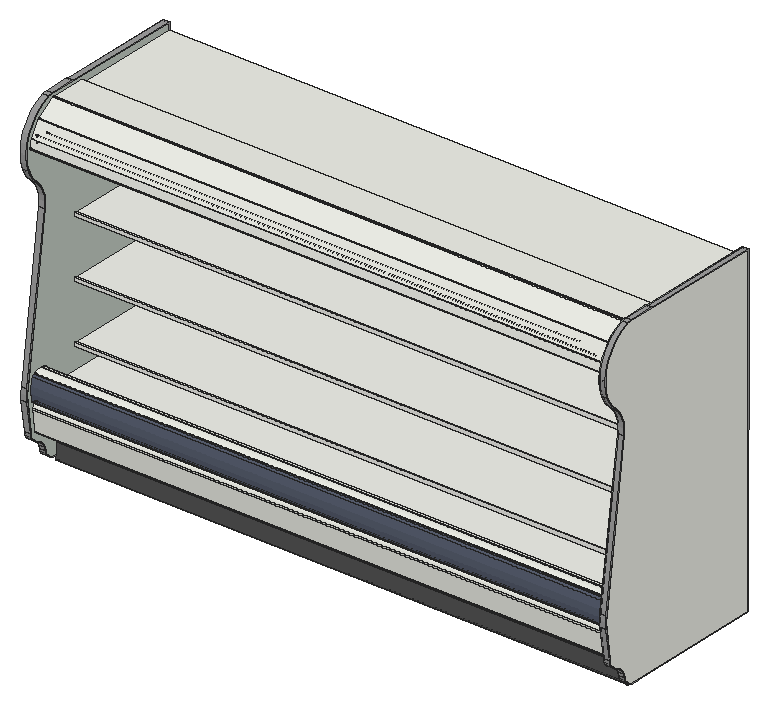
Revit family "ID5SM_2014", category Specialty Equipment, Revit 2014 (continued)
Automatic sketch dimensions
  Extrusion 13 sketch curve to Extrusion 13 sketch curve = 1.77458"
  plane 5 "Front" to Extrusion 13 sketch curve = 1.8731"
  Extrusion 13 sketch curve to Extrusion 13 sketch curve = 0.65832"
  plane 5 "Front" to Extrusion 13 sketch curve = 0.17594"
  Extrusion 13 sketch curve to Extrusion 13 sketch curve = 2.3975"
  Extrusion 13 sketch curve to Extrusion 13 sketch curve = 0.44575"
  Extrusion 13 sketch curve to plane 5 "Front" = 0.89737"
  Extrusion 13 sketch curve to plane 11 = 7.09276"
  Extrusion 13 sketch curve to plane 11 = 5.59899"
  Extrusion 13 sketch curve to plane 5 "Front" = 0.89074"
  Extrusion 13 sketch curve to Extrusion 13 sketch curve = 3.03394"
  plane 5 "Front" to Extrusion 13 sketch curve = 4.66966"
  Extrusion 13 sketch curve to plane 12 = 9.71059"
  Extrusion 13 sketch curve to plane 5 "Front" = 2.85424"
  Extrusion 13 sketch curve to Extrusion 13 sketch curve = 1.09095"
  plane 12 to Extrusion 13 sketch curve = 4.92623"
  plane 3 "Top" to Extrusion 13 sketch curve = 4.2453"
  plane 3 "Top" to Extrusion 13 sketch curve = 1.185"
  plane 3 "Top" to Extrusion 13 sketch curve = 0.99423"
  plane 5 "Front" to Extrusion 13 sketch curve = 1.84359"
  Extrusion 13 sketch curve to Extrusion 13 sketch curve = 1.26939"
  Extrusion 13 sketch curve to Extrusion 13 sketch curve = 0.25534"
  plane 5 "Front" to Extrusion 13 sketch curve = 7.00555"
  Extrusion 13 sketch curve to Extrusion 13 sketch curve = 1.0442"
  Extrusion 13 sketch curve to Extrusion 13 sketch curve = 2.56914"
  Extrusion 13 sketch curve to Extrusion 13 sketch curve = 6.52625"
  Extrusion 13 sketch curve to Extrusion 13 sketch curve = 0"  (x2)
  Extrusion 13 sketch curve to Extrusion 13 sketch curve = 2.17788"
  level to Sweep 14 sketch curve = 1.11243"
  Sweep 14 sketch curve to plane 1 "Back" = 0.29029"
  level to Sweep 14 sketch curve = 1.255"
  Sweep 14 sketch curve to Sweep 14 sketch curve = 0.14257"
  level to Sweep 14 sketch curve = 3.4866"
  Sweep 14 sketch curve to Sweep 14 sketch curve = 0.22328"
  Sweep 14 sketch curve to Sweep 14 sketch curve = 3.20287"
  Sweep 14 sketch curve to Sweep 14 sketch curve = 0.95327"
  Sweep 14 sketch curve to Sweep 14 sketch curve = 1.77458"
  plane 5 "Front" to Sweep 14 sketch curve = 1.8731"
  Sweep 14 sketch curve to Sweep 14 sketch curve = 0.65832"
  plane 5 "Front" to Sweep 14 sketch curve = 0.17594"
  Sweep 14 sketch curve to Sweep 14 sketch curve = 2.3975"
  Sweep 14 sketch curve to Sweep 14 sketch curve = 2.84326"
  Sweep 14 sketch curve to plane 5 "Front" = 0.89737"
  Sweep 14 sketch curve to plane 11 = 7.09276"
  Sweep 14 sketch curve to plane 11 = 5.59899"
  Sweep 14 sketch curve to plane 5 "Front" = 0.89074"
  Sweep 14 sketch curve to Sweep 14 sketch curve = 3.03394"
  plane 5 "Front" to Sweep 14 sketch curve = 4.66966"
  Sweep 14 sketch curve to plane 12 = 9.71059"
  Sweep 14 sketch curve to plane 5 "Front" = 2.85424"
  Sweep 14 sketch curve to Sweep 14 sketch curve = 1.09095"
  plane 12 to Sweep 14 sketch curve = 4.92623"
  plane 3 "Top" to Sweep 14 sketch curve = 4.2453"
  plane 3 "Top" to Sweep 14 sketch curve = 1.185"
  plane 3 "Top" to Sweep 14 sketch curve = 0.99423"
  plane 5 "Front" to Sweep 14 sketch curve = 1.84359"
  Sweep 14 sketch curve to Sweep 14 sketch curve = 1.26939"
  Sweep 14 sketch curve to Sweep 14 sketch curve = 0.25534"
  plane 5 "Front" to Sweep 14 sketch curve = 7.00555"
  Sweep 14 sketch curve to Sweep 14 sketch curve = 1.0442"
  Sweep 14 sketch curve to Sweep 14 sketch curve = 2.56914"
  Sweep 14 sketch curve to Sweep 14 sketch curve = 6.52625"
  Sweep 14 sketch curve to Sweep 14 sketch curve = 0"  (x2)
  Sweep 14 sketch curve to Sweep 14 sketch curve = 2.17788"
  Sweep 14 sketch curve to profile plane = 0"
  profile plane to Sweep 14 sketch curve = 1/32"
  level to Extrusion 15 sketch curve = 1.11243"
  Extrusion 15 sketch curve to plane 1 "Back" = 0.29029"
  level to Extrusion 15 sketch curve = 1.255"
  Extrusion 15 sketch curve to Extrusion 15 sketch curve = 0.14257"
  level to Extrusion 15 sketch curve = 3.4866"
  Extrusion 15 sketch curve to Extrusion 15 sketch curve = 0.22328"
  Extrusion 15 sketch curve to Extrusion 15 sketch curve = 0.82871"
  Extrusion 15 sketch curve to Extrusion 15 sketch curve = 0.95327"
  Extrusion 15 sketch curve to Extrusion 15 sketch curve = 1.77458"
  plane 5 "Front" to Extrusion 15 sketch curve = 1.8731"
  Extrusion 15 sketch curve to Extrusion 15 sketch curve = 0.65832"
  plane 5 "Front" to Extrusion 15 sketch curve = 0.17594"
  Extrusion 15 sketch curve to Extrusion 15 sketch curve = 2.3975"
  Extrusion 15 sketch curve to Extrusion 15 sketch curve = 0.44575"
  Extrusion 15 sketch curve to plane 5 "Front" = 0.89737"
  Extrusion 15 sketch curve to plane 11 = 7.09276"
  Extrusion 15 sketch curve to plane 11 = 5.59899"
  Extrusion 15 sketch curve to plane 5 "Front" = 0.89074"
  Extrusion 15 sketch curve to Extrusion 15 sketch curve = 3.03394"
  plane 5 "Front" to Extrusion 15 sketch curve = 4.66966"
  Extrusion 15 sketch curve to plane 12 = 9.71059"
  Extrusion 15 sketch curve to plane 5 "Front" = 2.85424"
  Extrusion 15 sketch curve to Extrusion 15 sketch curve = 1.09095"
  plane 12 to Extrusion 15 sketch curve = 4.92623"
  plane 3 "Top" to Extrusion 15 sketch curve = 4.2453"
  plane 3 "Top" to Extrusion 15 sketch curve = 1.185"
  plane 3 "Top" to Extrusion 15 sketch curve = 0.99423"
  plane 5 "Front" to Extrusion 15 sketch curve = 1.84359"
  Extrusion 15 sketch curve to Extrusion 15 sketch curve = 1.26939"
  Extrusion 15 sketch curve to Extrusion 15 sketch curve = 0.25534"
  plane 5 "Front" to Extrusion 15 sketch curve = 7.00555"
  Extrusion 15 sketch curve to Extrusion 15 sketch curve = 1.0442"
  Extrusion 15 sketch curve to Extrusion 15 sketch curve = 2.56914"
  Extrusion 15 sketch curve to Extrusion 15 sketch curve = 6.52625"
  Extrusion 15 sketch curve to Extrusion 15 sketch curve = 0"  (x2)
  Extrusion 15 sketch curve to Extrusion 15 sketch curve = 2.17788"
  plane 3 "Top" to curve 11 = 0.96298"
  plane 3 "Top" to curve 13 = 0.96298"
  Extrusion 12 sketch curve to plane 1 "Back" = 0"
  plane 1 "Back" to Extrusion 12 sketch curve = 6.26459"
  plane 1 "Back" to Extrusion 12 sketch curve = 6.45743"
  plane 1 "Back" to Extrusion 12 sketch curve = 8.95245"
  plane 3 "Top" to Extrusion 12 sketch curve = 1.72417"
  plane 5 "Front" to Extrusion 12 sketch curve = 15.88768"
  Extrusion 12 sketch curve to Extrusion 12 sketch curve = 2.82188"
  plane 3 "Top" to Extrusion 12 sketch curve = 5.73586"
  Extrusion 12 sketch curve to Extrusion 12 sketch curve = 1.23093"
  Extrusion 12 sketch curve to Extrusion 12 sketch curve = 3.63478"
  Extrusion 12 sketch curve to Extrusion 12 sketch curve = 0.15361"
  Extrusion 12 sketch curve to Extrusion 12 sketch curve = 0.03873"
  Extrusion 12 sketch curve to Extrusion 12 sketch curve = 0.10843"
  Extrusion 12 sketch curve to Extrusion 12 sketch curve = 0.81905"
  Extrusion 12 sketch curve to Extrusion 12 sketch curve = 0.84064"
  Extrusion 12 sketch curve to Extrusion 12 sketch curve = 0.08712"
  Extrusion 12 sketch curve to Extrusion 12 sketch curve = 0.0417"
  Extrusion 12 sketch curve to Extrusion 12 sketch curve = 0.02234"  (x2)
  Extrusion 12 sketch curve to Extrusion 12 sketch curve = 0.24095"
  Extrusion 12 sketch curve to Extrusion 12 sketch curve = 0.09972"
  plane 3 "Top" to Extrusion 12 sketch curve = 1.80614"
  Extrusion 12 sketch curve to Extrusion 12 sketch curve = 0.27222"
  Extrusion 12 sketch curve to Extrusion 12 sketch curve = 2.5649"
  Extrusion 12 sketch curve to Extrusion 12 sketch curve = 0.25233"
  Extrusion 12 sketch curve to Extrusion 12 sketch curve = 0.0792"
  Extrusion 12 sketch curve to Extrusion 12 sketch curve = 0.04401"
  Extrusion 12 sketch curve to Extrusion 12 sketch curve = 0.12321"  (x4)
  Extrusion 12 sketch curve to Extrusion 12 sketch curve = 0.55474"
  Extrusion 12 sketch curve to Extrusion 12 sketch curve = 0.62419"
  plane 5 "Front" to Extrusion 12 sketch curve = 2.4989"
  Extrusion 12 sketch curve to Extrusion 12 sketch curve = 0.02612"
  Extrusion 12 sketch curve to Extrusion 12 sketch curve = 0.08774"
  Extrusion 12 sketch curve to Extrusion 12 sketch curve = 0.00586"
  Extrusion 12 sketch curve to Extrusion 12 sketch curve = 0.14473"
  Extrusion 12 sketch curve to Extrusion 12 sketch curve = 1.48694"
  Extrusion 12 sketch curve to Extrusion 12 sketch curve = 0.43126"
  Extrusion 12 sketch curve to Extrusion 12 sketch curve = 0.0616"  (x3)
  Extrusion 12 sketch curve to Extrusion 12 sketch curve = 0.47061"
  plane 5 "Front" to Extrusion 12 sketch curve = 1.48747"
  plane 5 "Front" to Extrusion 12 sketch curve = 1.43636"
  Extrusion 12 sketch curve to Extrusion 12 sketch curve = 0.24693"
  Extrusion 12 sketch curve to Extrusion 12 sketch curve = 0.13172"
  Extrusion 12 sketch curve to Extrusion 12 sketch curve = 0.0974"
  Extrusion 12 sketch curve to Extrusion 12 sketch curve = 0.06111"
  Extrusion 12 sketch curve to Extrusion 12 sketch curve = 0.00024"
  Extrusion 12 sketch curve to Extrusion 12 sketch curve = 0.0406"
  Extrusion 12 sketch curve to Extrusion 12 sketch curve = 0.04192"
  Extrusion 12 sketch curve to Extrusion 12 sketch curve = 0.04733"
  Extrusion 12 sketch curve to Extrusion 12 sketch curve = 0.10432"
  Extrusion 12 sketch curve to Extrusion 12 sketch curve = 0.12462"
  Extrusion 12 sketch curve to Extrusion 12 sketch curve = 0.07704"
  Extrusion 12 sketch curve to Extrusion 12 sketch curve = 0.07909"
  Extrusion 12 sketch curve to Extrusion 12 sketch curve = 0.05158"  (x2)
  Extrusion 12 sketch curve to Extrusion 12 sketch curve = 0.10489"
  Extrusion 12 sketch curve to Extrusion 12 sketch curve = 0.02726"
  Extrusion 12 sketch curve to Extrusion 12 sketch curve = 0.11271"
  Extrusion 12 sketch curve to Extrusion 12 sketch curve = 0.03385"
  Extrusion 12 sketch curve to Extrusion 12 sketch curve = 0.38266"
  Extrusion 12 sketch curve to Extrusion 12 sketch curve = 0.05036"
  plane 5 "Front" to Extrusion 12 sketch curve = 0.78561"
  Extrusion 12 sketch curve to Extrusion 12 sketch curve = 0.13463"
  Extrusion 12 sketch curve to Extrusion 12 sketch curve = 0.35096"
  plane 5 "Front" to Extrusion 12 sketch curve = 0.60666"
  Extrusion 12 sketch curve to Extrusion 12 sketch curve = 0.0834"
  Extrusion 12 sketch curve to Extrusion 12 sketch curve = 0"  (x10)
  plane 5 "Front" to Extrusion 12 sketch curve = 0.3855"
  plane 5 "Front" to Extrusion 12 sketch curve = 0.30129"
  plane 5 "Front" to Extrusion 12 sketch curve = 0.17113"
  plane 5 "Front" to Extrusion 12 sketch curve = 0.12751"
  Extrusion 12 sketch curve to Extrusion 12 sketch curve = 0.0259"
  plane 5 "Front" to Extrusion 12 sketch curve = 0.07886"
  Extrusion 12 sketch curve to plane 5 "Front" = 0.20057"
  Extrusion 12 sketch curve to Extrusion 12 sketch curve = 0.09228"
  Extrusion 12 sketch curve to Extrusion 12 sketch curve = 0.02801"
  Extrusion 12 sketch curve to Extrusion 12 sketch curve = 2.55548"
  Extrusion 12 sketch curve to Extrusion 12 sketch curve = 0.01074"
  Extrusion 12 sketch curve to Extrusion 12 sketch curve = 5.11529"
  Extrusion 12 sketch curve to Extrusion 12 sketch curve = 1.68161"
  Extrusion 12 sketch curve to Extrusion 12 sketch curve = 0.27819"
  plane 3 "Top" to Extrusion 12 sketch curve = 7.63745"
  Extrusion 12 sketch curve to Extrusion 12 sketch curve = 0.42838"  (x2)
  Extrusion 12 sketch curve to Extrusion 12 sketch curve = 0.06106"
  Extrusion 12 sketch curve to Extrusion 12 sketch curve = 0.00264"
  Extrusion 12 sketch curve to Extrusion 12 sketch curve = 0.06356"
  Extrusion 12 sketch curve to Extrusion 12 sketch curve = 0.24597"
  Extrusion 12 sketch curve to Extrusion 12 sketch curve = 0.2707"
  Extrusion 12 sketch curve to Extrusion 12 sketch curve = 0.76525"
  Extrusion 12 sketch curve to Extrusion 12 sketch curve = 0.21366"
  Extrusion 12 sketch curve to Extrusion 12 sketch curve = 0.36916"
  Extrusion 12 sketch curve to Extrusion 12 sketch curve = 0.27742"
  Extrusion 12 sketch curve to Extrusion 12 sketch curve = 0.39276"
  Extrusion 12 sketch curve to Extrusion 12 sketch curve = 0.10383"
  Extrusion 12 sketch curve to Extrusion 12 sketch curve = 0.09227"
  Extrusion 12 sketch curve to Extrusion 12 sketch curve = 0.04596"
  Extrusion 12 sketch curve to Extrusion 12 sketch curve = 0.42241"
  Extrusion 12 sketch curve to Extrusion 12 sketch curve = 0.02025"
  Extrusion 12 sketch curve to Extrusion 12 sketch curve = 0.02669"
  Extrusion 12 sketch curve to Extrusion 12 sketch curve = 0.43393"
  Extrusion 12 sketch curve to Extrusion 12 sketch curve = 0.0331"
  Extrusion 12 sketch curve to Extrusion 12 sketch curve = 0.08165"
  Extrusion 12 sketch curve to Extrusion 12 sketch curve = 0.0907"
  Extrusion 12 sketch curve to Extrusion 12 sketch curve = 0.62679"
  Extrusion 12 sketch curve to plane 11 = 5.35111"
  Extrusion 12 sketch curve to Extrusion 12 sketch curve = 1.65087"
  Extrusion 12 sketch curve to Extrusion 12 sketch curve = 5.75802"
  Extrusion 12 sketch curve to Extrusion 12 sketch curve = 0.26449"
  Extrusion 12 sketch curve to Extrusion 12 sketch curve = 0.02751"
  Extrusion 12 sketch curve to Extrusion 12 sketch curve = 0.04321"
  Extrusion 12 sketch curve to Extrusion 12 sketch curve = 0.29643"
  Extrusion 12 sketch curve to Extrusion 12 sketch curve = 1.26896"
  Extrusion 12 sketch curve to Extrusion 12 sketch curve = 0.25682"
  Extrusion 12 sketch curve to Extrusion 12 sketch curve = 0.0576"
  Extrusion 12 sketch curve to Extrusion 12 sketch curve = 0.80224"
  Extrusion 12 sketch curve to Extrusion 12 sketch curve = 0.11965"
  Extrusion 12 sketch curve to Extrusion 12 sketch curve = 0.18102"
  Extrusion 12 sketch curve to Extrusion 12 sketch curve = 5.46498"
  Extrusion 12 sketch curve to Extrusion 12 sketch curve = 0.11001"
  Extrusion 12 sketch curve to Extrusion 12 sketch curve = 0.14029"
  level to Extrusion 12 sketch curve = 5.83681"
  Extrusion 12 sketch curve to Extrusion 12 sketch curve = 2.94378"
  Extrusion 12 sketch curve to Extrusion 12 sketch curve = 3.22412"
  Extrusion 12 sketch curve to Extrusion 12 sketch curve = 0.0591"
  Extrusion 12 sketch curve to Extrusion 12 sketch curve = 23/256"
  Extrusion 12 sketch curve to Extrusion 12 sketch curve = 0.00961"
  Extrusion 12 sketch curve to Extrusion 12 sketch curve = 0.03944"
  Extrusion 12 sketch curve to Extrusion 12 sketch curve = 1.46861"
  plane 3 "Top" to Extrusion 12 sketch curve = 2.73101"
  Extrusion 12 sketch curve to Extrusion 12 sketch curve = 0.00341"  (x2)
  Extrusion 12 sketch curve to Extrusion 12 sketch curve = 0.00108"  (x2)
  Extrusion 12 sketch curve to Extrusion 12 sketch curve = 0.02066"
  Extrusion 12 sketch curve to Extrusion 12 sketch curve = 0.10519"
  Extrusion 12 sketch curve to Extrusion 12 sketch curve = 0.04358"
  Extrusion 12 sketch curve to Extrusion 12 sketch curve = 0.00002"
  Extrusion 12 sketch curve to Extrusion 12 sketch curve = 0.06112"  (x2)
  Extrusion 12 sketch curve to Extrusion 12 sketch curve = 0.01324"
  Extrusion 12 sketch curve to Extrusion 12 sketch curve = 0.17754"
  Extrusion 12 sketch curve to Extrusion 12 sketch curve = 0.02339"
  Extrusion 12 sketch curve to Extrusion 12 sketch curve = 0.02795"
  Extrusion 12 sketch curve to Extrusion 12 sketch curve = 0.02341"
  Extrusion 12 sketch curve to Extrusion 12 sketch curve = 0.41364"
  Extrusion 12 sketch curve to Extrusion 12 sketch curve = 0.38716"
  Extrusion 12 sketch curve to Extrusion 12 sketch curve = 6.63595"
  Extrusion 12 sketch curve to Extrusion 12 sketch curve = 0.08228"
  Extrusion 12 sketch curve to Extrusion 12 sketch curve = 1.25163"
  Extrusion 12 sketch curve to Extrusion 12 sketch curve = 5/128"
  Extrusion 12 sketch curve to Extrusion 12 sketch curve = 0.03007"
  Extrusion 12 sketch curve to Extrusion 12 sketch curve = 0.02552"
  Extrusion 12 sketch curve to plane 11 = 0.83442"
  Extrusion 12 sketch curve to Extrusion 12 sketch curve = 0.00442"
  Extrusion 12 sketch curve to Extrusion 12 sketch curve = 0.12263"
  Extrusion 12 sketch curve to Extrusion 12 sketch curve = 0.07779"
  Extrusion 12 sketch curve to Extrusion 12 sketch curve = 0.04912"
  Extrusion 12 sketch curve to Extrusion 12 sketch curve = 0.04929"
  Extrusion 12 sketch curve to Extrusion 12 sketch curve = 0.00799"
  Extrusion 12 sketch curve to plane 11 = 0.96666"
  Extrusion 12 sketch curve to Extrusion 12 sketch curve = 0.9092"
  Extrusion 12 sketch curve to Extrusion 12 sketch curve = 0.01035"
  Extrusion 12 sketch curve to Extrusion 12 sketch curve = 0.07022"
  Extrusion 12 sketch curve to Extrusion 12 sketch curve = 0.0393"
  Extrusion 12 sketch curve to plane 11 = 1.88248"
  Extrusion 12 sketch curve to Extrusion 12 sketch curve = 0.91586"
  Extrusion 12 sketch curve to Extrusion 12 sketch curve = 0.04965"
  Extrusion 12 sketch curve to Extrusion 12 sketch curve = 0.05073"
  Extrusion 12 sketch curve to Extrusion 12 sketch curve = 0.02034"
  Extrusion 12 sketch curve to Extrusion 12 sketch curve = 0.15584"
  Extrusion 12 sketch curve to Extrusion 12 sketch curve = 0.91968"
  Extrusion 12 sketch curve to Extrusion 12 sketch curve = 0.11305"
  Extrusion 12 sketch curve to Extrusion 12 sketch curve = 0.00989"
  Extrusion 12 sketch curve to Extrusion 12 sketch curve = 0.00409"
  Extrusion 12 sketch curve to Extrusion 12 sketch curve = 0.03206"
  Extrusion 12 sketch curve to Extrusion 12 sketch curve = 0.97778"
  level to Extrusion 12 sketch curve = 2.05034"
  Extrusion 12 sketch curve to Extrusion 12 sketch curve = 3.72908"
  Extrusion 12 sketch curve to Extrusion 12 sketch curve = 0.24643"  (x2)
  Extrusion 12 sketch curve to Extrusion 12 sketch curve = 0.23931"
  Extrusion 12 sketch curve to Extrusion 12 sketch curve = 0.15795"
  Extrusion 12 sketch curve to Extrusion 12 sketch curve = 1.00923"
  Extrusion 12 sketch curve to Extrusion 12 sketch curve = 0.09956"
  Extrusion 12 sketch curve to Extrusion 12 sketch curve = 0.16264"
  Extrusion 12 sketch curve to Extrusion 12 sketch curve = 0.41687"
  Extrusion 12 sketch curve to Extrusion 12 sketch curve = 1.42822"
  Extrusion 12 sketch curve to Extrusion 12 sketch curve = 1.90507"
  Extrusion 12 sketch curve to Extrusion 12 sketch curve = 5.82385"
  Extrusion 12 sketch curve to plane 11 = 8 33/128"
  Extrusion 12 sketch curve to Extrusion 12 sketch curve = 8.45566"
  Extrusion 12 sketch curve to Extrusion 12 sketch curve = 5.25175"
  Extrusion 12 sketch curve to Extrusion 12 sketch curve = 0.54725"
  curve 16 to plane 1 "Back" = 0"
  plane 3 "Top" to curve 10 = 6.30006"
  plane 5 "Front" to Extrusion 7 sketch curve = 7.97"
  plane 5 "Front" to Extrusion 16 sketch curve = 7.43179"
  Extrusion 16 sketch curve to Extrusion 16 sketch curve = 0.02497"
  Extrusion 16 sketch curve to Extrusion 16 sketch curve = 0.03495"  (x2)
  Extrusion 16 sketch curve to Extrusion 16 sketch curve = 0.01498"  (x2)
  level to Extrusion 16 sketch curve = 4.97713"
  Extrusion 16 sketch curve to Extrusion 16 sketch curve = 0.00999"
  Extrusion 16 sketch curve to Extrusion 16 sketch curve = 0.00865"  (x2)
  Extrusion 16 sketch curve to Extrusion 16 sketch curve = 0.58691"
  Extrusion 16 sketch curve to Extrusion 16 sketch curve = 0.65722"
  Extrusion 16 sketch curve to Extrusion 16 sketch curve = 0.9866"
  Extrusion 16 sketch curve to Extrusion 16 sketch curve = 2.394"
  Extrusion 4 sketch curve to Extrusion 4 sketch curve = 7.75405"
  Extrusion 4 sketch curve to plane 11 = 6.84809"
  Extrusion 4 sketch curve to Extrusion 4 sketch curve = 0.08311"
  Extrusion 4 sketch curve to Extrusion 4 sketch curve = 0.24983"
  Extrusion 4 sketch curve to Extrusion 4 sketch curve = 0.35966"
  Extrusion 4 sketch curve to Extrusion 4 sketch curve = 0.53993"
  Extrusion 4 sketch curve to Extrusion 4 sketch curve = 0.25447"
  Extrusion 4 sketch curve to Extrusion 4 sketch curve = 0.10519"
  Extrusion 1 sketch curve to Extrusion 1 sketch curve = 0"  (x2)
  Extrusion 2 sketch curve to Extrusion 2 sketch curve = 0"
  Extrusion 3 sketch curve to Extrusion 3 sketch curve = 0"
  curve 2 to plane 5 "Front" = 0"
  plane 1 "Back" to curve 2 = 0"
  plane 1 "Back" to curve 1 = 0"
Nested families (in)
  nested 1: "Floor Support-Skid-ID5SM" at (16.85547, 0, 0), visible <- "Supports", type "Floor Support-Skid"
  nested 2: "Floor Support-Skid-ID5SM" at (-31.14453, 0, 0), visible <- "Supports", type "Floor Support-Skid"
  nested 3: "Floor Support-Side Skid-ID5SM" at (-79.33203, 0, 0), type "Floor Support-Side Skid"
  nested 4: "Floor Support-Side Skid-ID5SM" at (69.09306, 0, 0) x (-1, 0, 0) z (0, 0, 1), type "Floor Support-Side Skid"
  nested 5: "Shelf" at (0, -7.70304, 19.25), visible <- "Shelf", type "Shelf"
    with Width 144 3/8", Depth 22"
  nested 6: "Shelf" at (0, -7.70304, 63.25), visible <- "Shelf", type "Shelf"
    with Width 144 3/8", Depth 22"
  nested 7: "Shelf" at (0, -7.70304, 33.91667), visible <- "Shelf", type "Shelf"
    with Width 144 3/8", Depth 22"
  nested 8: "Shelf" at (0, -7.70304, 48.58333), visible <- "Shelf", type "Shelf"
    with Width 144 3/8", Depth 22"
  nested 9: "Floor Support-Skid-ID5SM" at (-7.14453, 0, 0), visible <- "Center Support 2", type "Floor Support-Skid"
  nested 10: "Light" at (-5.11949, -26.17841, 22.79738), type "Light"
    with Length 144 3/8"
  nested 11: "Light" at (-5.11949, -20.09503, 15.25), visible <- "Shelf Lights", type "Light"
    with Length 144 3/8"
  nested 12: "Light" at (-5.11949, -20.09503, 0.58333), visible <- "Shelf Lights", type "Light"
    with Length 144 3/8"
  nested 13: "Light" at (-5.11949, -20.09503, -14.08333), visible <- "Shelf Lights", type "Light"
    with Length 144 3/8"
  nested 14: "Light" at (-5.11949, -20.09503, -28.75), visible <- "Shelf Lights", type "Light"
    with Length 144 3/8"
  nested 15: "Floor Support-Skid-ID5SM" at (-7.14453, 0, 0), visible <- "Center Support 1", type "Floor Support-Skid"
Connectors (in)
  piping at (-4.93199, -33.50149, 0), diameter 1.25, driven by "Waste Drain"
    settings: on Extrusion 1, index 8, connector inside diameter 1 1/4", connector length 0", flow factor 0, pipe flow 0 GPM, pressure drop 0.00 psi, fitting loss kfactor 0, connector angle 0.00°, fixture units 0, engagement length 0", angle of deflection 0.00°, flow configuration 0, flow direction 0, fitting loss method 0, system type 16, joint type 0, gender type 0, connector reference index -1, connector utility 0, adjustable connector no, is connector primary yes, connector description "1 1/4\""
  piping at (58.27404, -28.71552, 0), diameter 0.875, driven by "Refrig. Suction", driven by "Refrigeration Lines Suction"
    settings: on Extrusion 2, index 9, connector inside diameter 7/8", connector length 0", flow factor 0, pipe flow 0 GPM, pressure drop 0.00 psi, fitting loss kfactor 0, connector angle 0.00°, fixture units 0, engagement length 0", angle of deflection 0.00°, flow configuration 0, flow direction 2, fitting loss method 0, system type 22, joint type 0, gender type 0, connector reference index -1, connector utility 0, adjustable connector no, is connector primary no, connector description "Suction"
  piping at (58.89904, -28.71552, 0), diameter 0.375, driven by "Refrig. Liquid", driven by "Refrigeration Lines Liquid"
    settings: on Extrusion 3, index 10, connector inside diameter 3/8", connector length 0", flow factor 0, pipe flow 0 GPM, pressure drop 0.00 psi, fitting loss kfactor 0, connector angle 0.00°, fixture units 0, engagement length 0", angle of deflection 0.00°, flow configuration 0, flow direction 1, fitting loss method 0, system type 22, joint type 0, gender type 0, connector reference index -1, connector utility 0, adjustable connector no, is connector primary no, connector description "Liquid"
Definition of nested family "Floor Support-Skid-ID5SM"
  Parameters (values of type "Floor Support-Skid")
    Width = 8 69/128"
    URL = "www.hussmann.com"
    Type Comments = ""
    Revit Family Date = "11/19/2015"  # constant formula
    Model = ""
    Manufacturer = "Hussmann Corporation"
    Height = 10.26407"
    Floor Support = none
    Description = ""
    Depth = 35.02835"
    Assembly Code = ""
    Accessories/Options = ""
  Reference planes (in)
    plane 1 "Back": y = 0
    plane 2 "Bottom": z = 0
    plane 3 "Top": z = 10.26407
    plane 4 "Left": x = -2.24449
    plane 5 "Right": x = 6.29458
    plane 6 "Front": y = -35.02835
    plane 7 "Center (Left/Right)": x = 2.02504
  Forms (in)
    Extrusion 1, solid, material <- "Floor Support"
      sketch origin (2.02504, 0, 0) x (0, 1, 0) y (0, 0, 1)
        loop
          line (-29.40639, 5.83681) -> (-27.20286, 4.66023)
          arc (-27.20286, 4.66023) -> (-27.1357, 4.59907) -> (-27.10579, 4.5133) r 0.18482
          line (-27.10579, 4.5133) -> (-27.05944, 3.98345) -> (-26.97437, 3.17009) -> (-25.04952, 3.17009)
          arc (-25.04952, 3.17009) -> (-24.97473, 3.14018) -> (-24.93349, 3.07099) r 0.12559
          line (-24.93349, 3.07099) -> (-24.5586, 0.70402)
          arc (-24.5586, 0.70402) -> (-24.58697, 0.60343) -> (-24.68189, 0.55967) r 0.12483
          line (-24.68189, 0.55967) -> (-26.66101, 0.55967)
          arc (-26.66101, 0.55967) -> (-26.55131, 0.46488) -> (-26.4104, 0.43076) r 0.30804
          line (-26.4104, 0.43076) -> (-26.14336, 0.43076)
          arc (-26.14336, 0.43076) -> (-26.05095, 0.406) -> (-25.9833, 0.33835) r 0.18482
          arc (-25.9833, 0.33835) -> (-25.87055, 0.2256) -> (-25.71653, 0.18433) r 0.30804
          line (-25.71653, 0.18433) -> (-24.98506, 0.18433)
          arc (-24.98506, 0.18433) -> (-24.81384, 0.04847) -> (-24.60071, 0) r 0.49286
          arc (-24.60071, 0) -> (-24.38759, 0.04847) -> (-24.21637, 0.18433) r 0.49286
          line (-24.21637, 0.18433) -> (-17.67662, 0.18433)
          arc (-17.67662, 0.18433) -> (-17.55874, 0.20778) -> (-17.4588, 0.27455) r 0.30804
          line (-17.4588, 0.27455) -> (-17.34631, 0.38704)
          arc (-17.34631, 0.38704) -> (-17.30507, 0.41774) -> (-17.25677, 0.43531) r 0.17728
          arc (-17.25677, 0.43531) -> (-12.64597, 0.90587) -> (-8.03518, 0.43531) r 22.82483
          arc (-8.03518, 0.43531) -> (-7.98687, 0.41774) -> (-7.94563, 0.38704) r 0.17728
          line (-7.94563, 0.38704) -> (-7.83314, 0.27455)
          arc (-7.83314, 0.27455) -> (-7.73321, 0.20778) -> (-7.61533, 0.18433) r 0.30804
          line (-7.61533, 0.18433) -> (-6.07708, 0.18433)
          arc (-6.07708, 0.18433) -> (-5.90587, 0.04847) -> (-5.69274, 0) r 0.49286
          arc (-5.69274, 0) -> (-5.47961, 0.04847) -> (-5.3084, 0.18433) r 0.49286
          line (-5.3084, 0.18433) -> (-3.31322, 0.18433)
          arc (-3.31322, 0.18433) -> (-3.09766, 0.27252) -> (-3.00573, 0.4865) r 0.30754
          line (-3.00573, 0.4865) -> (-2.93724, 3.46811) -> (-2.93314, 3.70314) -> (-2.92898, 3.94128) -> (-2.92648, 4.08452) -> (-2.92226, 4.32621)
          arc (-2.92226, 4.32621) -> (-2.90756, 4.39537) -> (-2.86802, 4.454) r 0.18531
          line (-2.86802, 4.454) -> (-0.13552, 6.56853)
          arc (-0.13552, 6.56853) -> (-0.06948, 6.66674) -> (-0.04533, 6.78259) r 0.30804
          line (-0.04533, 6.78259) -> (-0.00307, 10.26255) -> (-8.95245, 5.83681) -> (-29.40639, 5.83681)
      from -4.26953 to 4.26953
    Extrusion 2, solid, material <- "Floor Support"
      sketch origin (2.02504, 0, 0) x (0, 1, 0) y (0, 0, 1)
        loop
          line (-35.02835, 1.46307) -> (-35.02835, 0.40391) -> (-26.8256, 0.40391) -> (-26.8256, 0.55967) -> (-24.68189, 0.55967)
          arc (-24.68189, 0.55967) -> (-24.58697, 0.60343) -> (-24.5586, 0.70402) r 0.12483
          line (-24.5586, 0.70402) -> (-24.93349, 3.07099)
          arc (-24.93349, 3.07099) -> (-24.97473, 3.14018) -> (-25.04952, 3.17009) r 0.12559
          line (-25.04952, 3.17009) -> (-27.68576, 3.17009) -> (-35.02835, 1.46307)
      from -4.26953 to 4.26953
    Extrusion 3, void
      sketch origin (0, 0, 0) x (1, 0, 0) y (0, 1, 0)
        loop
          line (-3.47496, 1.49815) -> (-3.47496, -35.02835) -> (0.98283, -35.02835) -> (0.98283, -34.87538) -> (0.82679, -34.87538) -> (0.82679, -30.00466) -> (-0.52044, -30.00466)
          arc (-0.52044, -30.00466) -> (-1.07593, -29.89805) -> (-1.55249, -29.5934) r 1.50058
          arc (-1.55249, -29.5934) -> (-1.78569, -29.2595) -> (-1.86829, -28.86069) r 1.01143
          line (-1.86829, -28.86069) -> (-1.86829, -8.49332) -> (-2.2437, -0.4164)
          spline (-2.2437, -0.4164) -> (-2.24349, -0.40764) -> (-2.24204, -0.39904) -> (-2.23939, -0.3908) -> (-2.23558, -0.38306) -> (-2.2307, -0.37599) -> (-2.22484, -0.36972) -> (-2.21811, -0.36439) -> (-2.21065, -0.36009) -> (-2.20261, -0.35691) -> (-2.19415, -0.35491) -> (-2.18544, -0.35414) -> (-2.17664, -0.35462)
          line (-2.17664, -0.35462) -> (-1.55563, -0.35462)
          spline (-1.55563, -0.35462) -> (-1.54753, -0.35408) -> (-1.53962, -0.3525) -> (-1.53204, -0.34988) -> (-1.52491, -0.34628) -> (-1.51835, -0.34175) -> (-1.51248, -0.33638) -> (-1.5074, -0.33026) -> (-1.5032, -0.32349) -> (-1.49994, -0.31618) -> (-1.49768, -0.30847) -> (-1.49647, -0.30048) -> (-1.49631, -0.29235)
          line (-1.49631, -0.29235) -> (-1.50101, -0.19117)
          spline (-1.50101, -0.19117) -> (-1.50055, -0.16661) -> (-1.49689, -0.14248) -> (-1.49008, -0.11917) -> (-1.48026, -0.09711) -> (-1.46758, -0.07665) -> (-1.45226, -0.05815) -> (-1.43457, -0.04193) -> (-1.41481, -0.02827) -> (-1.3933, -0.01739) -> (-1.37043, -0.00948) -> (-1.34659, -0.00468) -> (-1.32217, -0.00307)
          line (-1.32217, -0.00307) -> (5.37226, -0.00307)
          spline (5.37226, -0.00307) -> (5.39668, -0.00468) -> (5.42052, -0.00948) -> (5.44339, -0.01739) -> (5.4649, -0.02827) -> (5.48466, -0.04193) -> (5.50235, -0.05815) -> (5.51767, -0.07665) -> (5.53035, -0.09711) -> (5.54017, -0.11917) -> (5.54698, -0.14248) -> (5.55064, -0.16661) -> (5.5511, -0.19117)
          line (5.5511, -0.19117) -> (5.5464, -0.29235)
          spline (5.5464, -0.29235) -> (5.54661, -0.30112) -> (5.54806, -0.30971) -> (5.55071, -0.31796) -> (5.55452, -0.32569) -> (5.5594, -0.33276) -> (5.56527, -0.33903) -> (5.572, -0.34437) -> (5.57945, -0.34867) -> (5.58749, -0.35185) -> (5.59595, -0.35384) -> (5.60467, -0.35461) -> (5.61346, -0.35414)
          line (5.61346, -0.35414) -> (6.23447, -0.35414)
          spline (6.23447, -0.35414) -> (6.24257, -0.35467) -> (6.25048, -0.35626) -> (6.25806, -0.35888) -> (6.2652, -0.36248) -> (6.27175, -0.367) -> (6.27762, -0.37237) -> (6.2827, -0.37849) -> (6.28691, -0.38527) -> (6.29016, -0.39257) -> (6.29242, -0.40029) -> (6.29364, -0.40828) -> (6.29379, -0.4164)
          line (6.29379, -0.4164) -> (5.91838, -8.49332) -> (5.91838, -28.86069)
          arc (5.91838, -28.86069) -> (5.83578, -29.2595) -> (5.60258, -29.5934) r 1.01143
          arc (5.60258, -29.5934) -> (5.12602, -29.89805) -> (4.57053, -30.00466) r 1.50058
          line (4.57053, -30.00466) -> (3.2233, -30.00466) -> (3.2233, -34.87538) -> (3.06726, -34.87538) -> (3.06726, -35.02835) -> (7.52504, -35.02835) -> (7.52504, 1.49815) -> (-3.47496, 1.49815)
      from 0 to 10.26407
  Cuts and joins
    Extrusion 3 cuts Extrusion 2
  Dimensions and locks (in)
    equal spacing: plane 4 "Left", plane 7 "Center (Left/Right)", plane 5 "Right"
    "Width": plane 4 "Left" to plane 5 "Right"
    "Depth": plane 6 "Front" to plane 1 "Back"
    "Height": plane 3 "Top" to level
    Extrusion 3 sketch curve to plane 7 "Center (Left/Right)" to Extrusion 3 sketch curve = 5 1/2", 5 1/2"
    aligned and locked: Extrusion 1 to plane 4 "Left"
    aligned and locked: plane 5 "Right" to Extrusion 1
    aligned and locked: Extrusion 2 to plane 4 "Left"
    aligned and locked: plane 5 "Right" to Extrusion 2
    aligned and locked: Extrusion 3 to level
    aligned and locked: Extrusion 3 to plane 3 "Top"
  Automatic sketch dimensions
    Extrusion 1 sketch curve to Extrusion 1 sketch curve = 0.26705"
    Extrusion 1 sketch curve to Extrusion 1 sketch curve = 0.42683"
    Extrusion 1 sketch curve to Extrusion 1 sketch curve = 6.53976"
    level to Extrusion 1 sketch curve = 0.27455"
    Extrusion 1 sketch curve to Extrusion 1 sketch curve = 0.21781"  (x3)
    level to Extrusion 1 sketch curve = 0.38704"  (x2)
    Extrusion 1 sketch curve to Extrusion 1 sketch curve = 0.11249"  (x2)
    Extrusion 1 sketch curve to Extrusion 1 sketch curve = 0.12536"  (x3)
    plane 1 "Back" to Extrusion 1 sketch curve = 12.64597"
    plane 3 "Top" to Extrusion 1 sketch curve = 4.42727"
    plane 1 "Back" to Extrusion 1 sketch curve = 8.95245"
    level to Extrusion 1 sketch curve = 0.26169"
    Extrusion 1 sketch curve to Extrusion 1 sketch curve = 0.88146"
    Extrusion 1 sketch curve to Extrusion 1 sketch curve = 1.53824"
    Extrusion 1 sketch curve to Extrusion 1 sketch curve = 1.99518"
    level to Extrusion 1 sketch curve = 0.4865"
    Extrusion 1 sketch curve to Extrusion 1 sketch curve = 0.3075"
    plane 1 "Back" to Extrusion 1 sketch curve = 2.93724"
    Extrusion 1 sketch curve to Extrusion 1 sketch curve = 0.0041"
    Extrusion 1 sketch curve to Extrusion 1 sketch curve = 0.00416"
    Extrusion 1 sketch curve to Extrusion 1 sketch curve = 0.0025"
    Extrusion 1 sketch curve to Extrusion 1 sketch curve = 0.00422"
    Extrusion 1 sketch curve to Extrusion 1 sketch curve = 0.05424"
    Extrusion 1 sketch curve to Extrusion 1 sketch curve = 0.13105"
    plane 1 "Back" to Extrusion 1 sketch curve = 0.35335"
    plane 1 "Back" to Extrusion 1 sketch curve = 0.13552"
    plane 1 "Back" to Extrusion 1 sketch curve = 0.04533"
    plane 3 "Top" to Extrusion 1 sketch curve = 0.00152"
    plane 1 "Back" to Extrusion 1 sketch curve = 0.00307"
    Extrusion 1 sketch curve to level = 21.91896"
    level to Extrusion 1 sketch curve = 0.24594"
    Extrusion 1 sketch curve to Extrusion 1 sketch curve = 0.18482"
    Extrusion 1 sketch curve to Extrusion 1 sketch curve = 0.30804"  (x2)
    Extrusion 1 sketch curve to Extrusion 1 sketch curve = 2.98161"
    Extrusion 1 sketch curve to Extrusion 1 sketch curve = 0.23503"
    Extrusion 1 sketch curve to Extrusion 1 sketch curve = 0.23814"
    Extrusion 1 sketch curve to Extrusion 1 sketch curve = 0.14324"
    Extrusion 1 sketch curve to Extrusion 1 sketch curve = 0.23845"
    Extrusion 1 sketch curve to Extrusion 1 sketch curve = 0.00323"
    Extrusion 1 sketch curve to Extrusion 1 sketch curve = 2.24556"
    Extrusion 1 sketch curve to Extrusion 1 sketch curve = 0.21406"
    Extrusion 1 sketch curve to Extrusion 1 sketch curve = 0.2506"
    plane 6 "Front" to Extrusion 1 sketch curve = 5.62196"
    Extrusion 1 sketch curve to Extrusion 1 sketch curve = 0"  (x4)
    Extrusion 1 sketch curve to Extrusion 1 sketch curve = 0.87951"
    level to Extrusion 1 sketch curve = 4.66023"
    Extrusion 1 sketch curve to Extrusion 1 sketch curve = 0.08705"
    level to Extrusion 1 sketch curve = 4.5133"
    Extrusion 1 sketch curve to Extrusion 1 sketch curve = 0.09706"
    level to Extrusion 1 sketch curve = 3.98345"
    Extrusion 1 sketch curve to Extrusion 1 sketch curve = 0.04636"
    Extrusion 1 sketch curve to Extrusion 1 sketch curve = 2.20353"
    Extrusion 1 sketch curve to Extrusion 1 sketch curve = 0.08507"
    Extrusion 1 sketch curve to Extrusion 1 sketch curve = 1.92485"
    level to Extrusion 1 sketch curve = 3.07099"
    Extrusion 1 sketch curve to Extrusion 1 sketch curve = 0.11603"
    Extrusion 1 sketch curve to Extrusion 1 sketch curve = 0.00677"
    Extrusion 1 sketch curve to Extrusion 1 sketch curve = 0.12329"
    Extrusion 1 sketch curve to Extrusion 1 sketch curve = 5/256"
    Extrusion 1 sketch curve to level = 0"  (x2)
    Extrusion 1 sketch curve to Extrusion 1 sketch curve = 0.08117"
    Extrusion 1 sketch curve to Extrusion 1 sketch curve = 0.06681"
    level to Extrusion 1 sketch curve = 0.18433"  (x4)
    Extrusion 1 sketch curve to Extrusion 1 sketch curve = 0.02631"
    Extrusion 1 sketch curve to Extrusion 1 sketch curve = 0.38434"
    Extrusion 1 sketch curve to Extrusion 1 sketch curve = 0.73147"
    level to Extrusion 2 sketch curve = 3.17009"
    plane 6 "Front" to Extrusion 2 sketch curve = 7.3426"
    Extrusion 2 sketch curve to Extrusion 2 sketch curve = 2.63624"
    level to Extrusion 2 sketch curve = 1.46307"
    Extrusion 2 sketch curve to Extrusion 2 sketch curve = 0.00677"
    Extrusion 2 sketch curve to Extrusion 2 sketch curve = 0.12541"
    Extrusion 2 sketch curve to Extrusion 2 sketch curve = 0.1228"
    level to Extrusion 2 sketch curve = 0.70402"
    Extrusion 2 sketch curve to Extrusion 2 sketch curve = 0.49769"
    Extrusion 2 sketch curve to Extrusion 2 sketch curve = 0.12329"
    Extrusion 2 sketch curve to Extrusion 2 sketch curve = 5/256"
    Extrusion 2 sketch curve to Extrusion 2 sketch curve = 2.14371"
    Extrusion 2 sketch curve to Extrusion 2 sketch curve = 0.15577"
    Extrusion 3 sketch curve to plane 6 "Front" = 0"  (x2)
    plane 4 "Left" to Extrusion 3 sketch curve = 0.00078"
    plane 4 "Left" to Extrusion 3 sketch curve = 0.06784"
    plane 4 "Left" to Extrusion 3 sketch curve = 0.37619"
    plane 1 "Back" to Extrusion 3 sketch curve = 0.35462"
    Extrusion 3 sketch curve to Extrusion 3 sketch curve = 0.62101"
    plane 1 "Back" to Extrusion 3 sketch curve = 0.19117"  (x2)
    Extrusion 3 sketch curve to Extrusion 3 sketch curve = 0.05462"
    Extrusion 3 sketch curve to Extrusion 3 sketch curve = 0.05932"
    plane 1 "Back" to Extrusion 3 sketch curve = 0.00307"
    Extrusion 3 sketch curve to Extrusion 3 sketch curve = 0.17885"
    Extrusion 3 sketch curve to Extrusion 3 sketch curve = 1.01143"
    Extrusion 3 sketch curve to Extrusion 3 sketch curve = 0.33642"  (x2)
    Extrusion 3 sketch curve to plane 7 "Center (Left/Right)" = 1.19826"
    Extrusion 3 sketch curve to Extrusion 3 sketch curve = 0.15604"  (x2)
    plane 6 "Front" to Extrusion 3 sketch curve = 0.15297"
    plane 7 "Center (Left/Right)" to Extrusion 3 sketch curve = 1.04221"
    Extrusion 3 sketch curve to plane 5 "Right" = 1.72404"
    Extrusion 3 sketch curve to plane 5 "Right" = 0.92232"
    plane 1 "Back" to Extrusion 3 sketch curve = 0.29235"
    Extrusion 3 sketch curve to Extrusion 3 sketch curve = 0.17414"
    Extrusion 3 sketch curve to Extrusion 3 sketch curve = 0.0047"
    Extrusion 3 sketch curve to Extrusion 3 sketch curve = 0.06706"
    Extrusion 3 sketch curve to plane 5 "Right" = 0.37619"
    Extrusion 3 sketch curve to plane 5 "Right" = 0.0601"
    Extrusion 3 sketch curve to plane 5 "Right" = 0.00078"
    Extrusion 3 sketch curve to Extrusion 3 sketch curve = 0.15297"
    Extrusion 3 sketch curve to Extrusion 3 sketch curve = 4.87073"
    Extrusion 3 sketch curve to Extrusion 3 sketch curve = 0"  (x2)
    Extrusion 3 sketch curve to Extrusion 3 sketch curve = 1.14396"  (x2)
    Extrusion 3 sketch curve to Extrusion 3 sketch curve = 0.00152"  (x2)
    Extrusion 3 sketch curve to Extrusion 3 sketch curve = 0.35509"  (x2)
    Extrusion 3 sketch curve to Extrusion 3 sketch curve = 8.1387"
    Extrusion 3 sketch curve to Extrusion 3 sketch curve = 0.06179"
    plane 1 "Back" to Extrusion 3 sketch curve = 0.4164"
    Extrusion 3 sketch curve to Extrusion 3 sketch curve = 0.06227"  (x2)
    Extrusion 3 sketch curve to plane 1 "Back" = 1.49815"
    Extrusion 3 sketch curve to Extrusion 3 sketch curve = 0.00479"  (x2)
    Extrusion 3 sketch curve to Extrusion 3 sketch curve = 0.04521"  (x2)
    Extrusion 3 sketch curve to Extrusion 3 sketch curve = 0.10747"
    Extrusion 3 sketch curve to Extrusion 3 sketch curve = 0.06226"  (x2)
    Extrusion 3 sketch curve to Extrusion 3 sketch curve = 0.1878"  (x2)
    Extrusion 3 sketch curve to Extrusion 3 sketch curve = 0.13387"
    Extrusion 3 sketch curve to Extrusion 3 sketch curve = 0.31696"
    Extrusion 3 sketch curve to plane 5 "Right" = 0.10825"
    Extrusion 2 sketch curve to plane 6 "Front" = 0"
Definition of nested family "Floor Support-Side Skid-ID5SM"
  Parameters (values of type "Floor Support-Side Skid")
    Width = 8 69/128"
    URL = "www.hussmann.com"
    Type Comments = ""
    Revit Family Date = "11/19/2015"  # constant formula
    Model = ""
    Manufacturer = "Hussmann Corporation"
    Height = 10.26407"
    Floor Support = none
    Description = ""
    Depth = 35.02835"
    Assembly Code = ""
    Accessories/Options = ""
  Reference planes (in)
    plane 1 "Back": y = 0
    plane 2 "Bottom": z = 0
    plane 3 "Top": z = 10.26407
    plane 4 "Right": x = 6.29458
    plane 5 "Front": y = -35.02835
    plane 6 "Center (Left/Right)": x = 2.02504
  Forms (in)
    Extrusion 1, solid, material <- "Floor Support"
      sketch origin (2.02504, 0, 0) x (0, 1, 0) y (0, 0, 1)
        loop
          line (-35.02835, 1.46307) -> (-35.02835, 0.40391) -> (-26.8256, 0.40391) -> (-26.8256, 0.55967) -> (-24.68189, 0.55967)
          arc (-24.68189, 0.55967) -> (-24.58697, 0.60343) -> (-24.5586, 0.70402) r 0.12483
          line (-24.5586, 0.70402) -> (-24.93349, 3.07099)
          arc (-24.93349, 3.07099) -> (-24.97473, 3.14018) -> (-25.04952, 3.17009) r 0.12559
          line (-25.04952, 3.17009) -> (-27.68576, 3.17009) -> (-35.02835, 1.46307)
      from 0 to 4.26953
    Extrusion 2, solid, material <- "Floor Support"
      sketch origin (2.02504, 0, 0) x (0, 1, 0) y (0, 0, 1)
        loop
          line (-29.40639, 5.83681) -> (-27.20286, 4.66023)
          arc (-27.20286, 4.66023) -> (-27.1357, 4.59907) -> (-27.10579, 4.5133) r 0.18482
          line (-27.10579, 4.5133) -> (-27.05944, 3.98345) -> (-26.97437, 3.17009) -> (-25.04952, 3.17009)
          arc (-25.04952, 3.17009) -> (-24.97473, 3.14018) -> (-24.93349, 3.07099) r 0.12559
          line (-24.93349, 3.07099) -> (-24.5586, 0.70402)
          arc (-24.5586, 0.70402) -> (-24.58697, 0.60343) -> (-24.68189, 0.55967) r 0.12483
          line (-24.68189, 0.55967) -> (-26.66101, 0.55967)
          arc (-26.66101, 0.55967) -> (-26.55131, 0.46488) -> (-26.4104, 0.43076) r 0.30804
          line (-26.4104, 0.43076) -> (-26.14336, 0.43076)
          arc (-26.14336, 0.43076) -> (-26.05095, 0.406) -> (-25.9833, 0.33835) r 0.18482
          arc (-25.9833, 0.33835) -> (-25.87055, 0.2256) -> (-25.71653, 0.18433) r 0.30804
          line (-25.71653, 0.18433) -> (-24.98506, 0.18433)
          arc (-24.98506, 0.18433) -> (-24.81384, 0.04847) -> (-24.60071, 0) r 0.49286
          arc (-24.60071, 0) -> (-24.38759, 0.04847) -> (-24.21637, 0.18433) r 0.49286
          line (-24.21637, 0.18433) -> (-17.67662, 0.18433)
          arc (-17.67662, 0.18433) -> (-17.55874, 0.20778) -> (-17.4588, 0.27455) r 0.30804
          line (-17.4588, 0.27455) -> (-17.34631, 0.38704)
          arc (-17.34631, 0.38704) -> (-17.30507, 0.41774) -> (-17.25677, 0.43531) r 0.17728
          arc (-17.25677, 0.43531) -> (-12.64597, 0.90587) -> (-8.03518, 0.43531) r 22.82483
          arc (-8.03518, 0.43531) -> (-7.98687, 0.41774) -> (-7.94563, 0.38704) r 0.17728
          line (-7.94563, 0.38704) -> (-7.83314, 0.27455)
          arc (-7.83314, 0.27455) -> (-7.73321, 0.20778) -> (-7.61533, 0.18433) r 0.30804
          line (-7.61533, 0.18433) -> (-6.07708, 0.18433)
          arc (-6.07708, 0.18433) -> (-5.90587, 0.04847) -> (-5.69274, 0) r 0.49286
          arc (-5.69274, 0) -> (-5.47961, 0.04847) -> (-5.3084, 0.18433) r 0.49286
          line (-5.3084, 0.18433) -> (-3.31322, 0.18433)
          arc (-3.31322, 0.18433) -> (-3.09766, 0.27252) -> (-3.00573, 0.4865) r 0.30754
          line (-3.00573, 0.4865) -> (-2.93724, 3.46811) -> (-2.93314, 3.70314) -> (-2.92898, 3.94128) -> (-2.92648, 4.08452) -> (-2.92226, 4.32621)
          arc (-2.92226, 4.32621) -> (-2.90756, 4.39537) -> (-2.86802, 4.454) r 0.18531
          line (-2.86802, 4.454) -> (-0.13552, 6.56853)
          arc (-0.13552, 6.56853) -> (-0.06948, 6.66674) -> (-0.04533, 6.78259) r 0.30804
          line (-0.04533, 6.78259) -> (-0.00307, 10.26255) -> (-8.95245, 5.83681) -> (-29.40639, 5.83681)
      from 0 to 6.48922
    Extrusion 3, void
      sketch origin (0, 0, 0) x (1, 0, 0) y (0, 1, 0)
        loop
          line (-1.87834, 1.49815) -> (-1.87834, -35.02835) -> (2.57945, -35.02835) -> (2.57945, -34.87538) -> (2.4234, -34.87538) -> (2.4234, -30.00466) -> (2.02504, -30.00466) -> (2.02504, -0.00307) -> (5.37226, -0.00307)
          spline (5.37226, -0.00307) -> (5.39668, -0.00468) -> (5.42052, -0.00948) -> (5.44339, -0.01739) -> (5.4649, -0.02827) -> (5.48466, -0.04193) -> (5.50235, -0.05815) -> (5.51767, -0.07665) -> (5.53035, -0.09711) -> (5.54017, -0.11917) -> (5.54698, -0.14248) -> (5.55064, -0.16661) -> (5.5511, -0.19117)
          line (5.5511, -0.19117) -> (5.5464, -0.29235)
          spline (5.5464, -0.29235) -> (5.54661, -0.30112) -> (5.54806, -0.30971) -> (5.55071, -0.31796) -> (5.55452, -0.32569) -> (5.5594, -0.33276) -> (5.56527, -0.33903) -> (5.572, -0.34437) -> (5.57945, -0.34867) -> (5.58749, -0.35185) -> (5.59595, -0.35384) -> (5.60467, -0.35461) -> (5.61346, -0.35414)
          line (5.61346, -0.35414) -> (6.23447, -0.35414)
          spline (6.23447, -0.35414) -> (6.24257, -0.35467) -> (6.25048, -0.35626) -> (6.25806, -0.35888) -> (6.2652, -0.36248) -> (6.27175, -0.367) -> (6.27762, -0.37237) -> (6.2827, -0.37849) -> (6.28691, -0.38527) -> (6.29016, -0.39257) -> (6.29242, -0.40029) -> (6.29364, -0.40828) -> (6.29379, -0.4164)
          line (6.29379, -0.4164) -> (5.9287, -8.291)
          spline (5.9287, -8.291) -> (5.9294, -8.32466) -> (5.93461, -8.35791) -> (5.94424, -8.39015) -> (5.9581, -8.42079) -> (5.97596, -8.44929) -> (5.99748, -8.47512) -> (6.02228, -8.49783) -> (6.04991, -8.51699) -> (6.07988, -8.53226) -> (6.11163, -8.54338) -> (6.1446, -8.55012) -> (6.17818, -8.55239)
          line (6.17818, -8.55239) -> (7.49155, -8.55239)
          spline (7.49155, -8.55239) -> (7.55681, -8.55666) -> (7.62092, -8.5694) -> (7.68281, -8.59038) -> (7.74141, -8.61926) -> (7.79573, -8.65554) -> (7.84484, -8.69861) -> (7.8879, -8.74772) -> (7.92418, -8.80204) -> (7.95307, -8.86064) -> (7.97405, -8.92253) -> (7.98679, -8.98664) -> (7.99106, -9.0519)
          line (7.99106, -9.0519) -> (7.99106, -10.05365)
          spline (7.99106, -10.05365) -> (7.98679, -10.11891) -> (7.97405, -10.18302) -> (7.95307, -10.24491) -> (7.92418, -10.30351) -> (7.8879, -10.35783) -> (7.84484, -10.40694) -> (7.79573, -10.45001) -> (7.74141, -10.48629) -> (7.68281, -10.51517) -> (7.62092, -10.53616) -> (7.55681, -10.54889) -> (7.49155, -10.55316)
          line (7.49155, -10.55316) -> (6.17818, -10.55316)
          spline (6.17818, -10.55316) -> (6.14556, -10.5553) -> (6.1135, -10.56167) -> (6.08256, -10.57216) -> (6.05325, -10.5866) -> (6.02609, -10.60474) -> (6.00154, -10.62627) -> (5.98001, -10.65083) -> (5.96187, -10.67799) -> (5.94743, -10.70729) -> (5.93693, -10.73823) -> (5.93056, -10.77029) -> (5.92843, -10.80292)
          line (5.92843, -10.80292) -> (5.92843, -20.87051)
          spline (5.92843, -20.87051) -> (5.93056, -20.90313) -> (5.93693, -20.93519) -> (5.94743, -20.96614) -> (5.96187, -20.99544) -> (5.98001, -21.0226) -> (6.00154, -21.04715) -> (6.02609, -21.06868) -> (6.05325, -21.08682) -> (6.08256, -21.10126) -> (6.1135, -21.11176) -> (6.14556, -21.11813) -> (6.17818, -21.12026)
          line (6.17818, -21.12026) -> (7.49155, -21.12026)
          spline (7.49155, -21.12026) -> (7.55681, -21.12453) -> (7.62092, -21.13727) -> (7.68281, -21.15826) -> (7.74141, -21.18714) -> (7.79573, -21.22342) -> (7.84484, -21.26648) -> (7.8879, -21.31559) -> (7.92418, -21.36991) -> (7.95307, -21.42851) -> (7.97405, -21.4904) -> (7.98679, -21.55452) -> (7.99106, -21.61977)
          line (7.99106, -21.61977) -> (7.99106, -22.62153)
          spline (7.99106, -22.62153) -> (7.98679, -22.68678) -> (7.97405, -22.7509) -> (7.95307, -22.81279) -> (7.92418, -22.87139) -> (7.8879, -22.92571) -> (7.84484, -22.97482) -> (7.79573, -23.01788) -> (7.74141, -23.05416) -> (7.68281, -23.08304) -> (7.62092, -23.10403) -> (7.55681, -23.11677) -> (7.49155, -23.12104)
          line (7.49155, -23.12104) -> (6.17818, -23.12104)
          spline (6.17818, -23.12104) -> (6.14556, -23.12317) -> (6.1135, -23.12954) -> (6.08256, -23.14004) -> (6.05325, -23.15448) -> (6.02609, -23.17262) -> (6.00154, -23.19415) -> (5.98001, -23.2187) -> (5.96187, -23.24586) -> (5.94743, -23.27516) -> (5.93693, -23.30611) -> (5.93056, -23.33817) -> (5.92843, -23.37079)
          line (5.92843, -23.37079) -> (5.92788, -28.50528)
          arc (5.92788, -28.50528) -> (5.61912, -29.41703) -> (4.81992, -29.95359) r 1.5006
          line (4.81992, -29.95359) -> (4.81992, -34.87538) -> (4.66388, -34.87538) -> (4.66388, -35.02835) -> (9.12166, -35.02835) -> (9.12166, 1.49815) -> (-1.87834, 1.49815)
      from 0 to 12
  Cuts and joins
    Extrusion 3 cuts Extrusion 1
    Extrusion 3 cuts Extrusion 2
  Dimensions and locks (in)
    plane 6 "Center (Left/Right)" to plane 4 "Right" = 4 69/256"
    "Depth": plane 5 "Front" to plane 1 "Back"
    "Height": plane 3 "Top" to level
    aligned and locked: plane 4 "Right" to Extrusion 1
  Automatic sketch dimensions
    level to Extrusion 1 sketch curve = 3.17009"
    plane 5 "Front" to Extrusion 1 sketch curve = 7.3426"
    Extrusion 1 sketch curve to Extrusion 1 sketch curve = 2.63624"
    level to Extrusion 1 sketch curve = 1.46307"
    Extrusion 1 sketch curve to Extrusion 1 sketch curve = 0.00677"
    Extrusion 1 sketch curve to Extrusion 1 sketch curve = 0.12541"
    Extrusion 1 sketch curve to Extrusion 1 sketch curve = 0.1228"
    level to Extrusion 1 sketch curve = 0.70402"
    Extrusion 1 sketch curve to Extrusion 1 sketch curve = 0.49769"
    Extrusion 1 sketch curve to Extrusion 1 sketch curve = 0.12329"
    Extrusion 1 sketch curve to Extrusion 1 sketch curve = 5/256"
    Extrusion 1 sketch curve to Extrusion 1 sketch curve = 2.14371"
    Extrusion 1 sketch curve to Extrusion 1 sketch curve = 0.15577"
    Extrusion 1 sketch curve to plane 5 "Front" = 0"
    Extrusion 2 sketch curve to Extrusion 2 sketch curve = 0"  (x5)
    Extrusion 2 sketch curve to level = 0"  (x2)
    plane 5 "Front" to Extrusion 2 sketch curve = 5.62196"
    Extrusion 2 sketch curve to Extrusion 2 sketch curve = 2.11648"
    level to Extrusion 2 sketch curve = 4.66023"
    Extrusion 2 sketch curve to Extrusion 2 sketch curve = 0.08705"
    level to Extrusion 2 sketch curve = 4.5133"
    Extrusion 2 sketch curve to Extrusion 2 sketch curve = 0.09706"
    level to Extrusion 2 sketch curve = 3.98345"
    Extrusion 2 sketch curve to Extrusion 2 sketch curve = 0.04636"
    level to Extrusion 2 sketch curve = 3.17009"
    Extrusion 2 sketch curve to Extrusion 2 sketch curve = 0.08507"
    level to Extrusion 2 sketch curve = 0.55967"
    Extrusion 2 sketch curve to Extrusion 2 sketch curve = 0.31336"
    Extrusion 2 sketch curve to Extrusion 2 sketch curve = 0.2506"
    Extrusion 2 sketch curve to Extrusion 2 sketch curve = 0.26705"
    Extrusion 2 sketch curve to Extrusion 2 sketch curve = 0.42683"
    Extrusion 2 sketch curve to Extrusion 2 sketch curve = 1.91808"
    Extrusion 2 sketch curve to Extrusion 2 sketch curve = 0.00677"
    level to Extrusion 2 sketch curve = 0.18433"  (x4)
    Extrusion 2 sketch curve to Extrusion 2 sketch curve = 0.73147"
    level to Extrusion 2 sketch curve = 3.07099"
    Extrusion 2 sketch curve to Extrusion 2 sketch curve = 0.1228"
    Extrusion 2 sketch curve to Extrusion 2 sketch curve = 0.30317"
    Extrusion 2 sketch curve to Extrusion 2 sketch curve = 0.08117"
    level to Extrusion 2 sketch curve = 0.70402"
    Extrusion 2 sketch curve to Extrusion 2 sketch curve = 0.12329"
    Extrusion 2 sketch curve to Extrusion 2 sketch curve = 6.53976"
    level to Extrusion 2 sketch curve = 0.27455"  (x2)
    Extrusion 2 sketch curve to Extrusion 2 sketch curve = 0.21781"  (x2)
    level to Extrusion 2 sketch curve = 0.38704"  (x2)
    Extrusion 2 sketch curve to Extrusion 2 sketch curve = 0.11249"  (x2)
    Extrusion 2 sketch curve to Extrusion 2 sketch curve = 0.12536"  (x3)
    plane 1 "Back" to Extrusion 2 sketch curve = 12.64597"
    plane 3 "Top" to Extrusion 2 sketch curve = 4.42727"
    plane 1 "Back" to Extrusion 2 sketch curve = 8.95245"
    level to Extrusion 2 sketch curve = 0.26169"
    Extrusion 2 sketch curve to Extrusion 2 sketch curve = 0.88146"
    Extrusion 2 sketch curve to Extrusion 2 sketch curve = 1.53824"
    Extrusion 2 sketch curve to Extrusion 2 sketch curve = 0.38434"
    Extrusion 2 sketch curve to Extrusion 2 sketch curve = 1.99518"
    level to Extrusion 2 sketch curve = 0.4865"
    Extrusion 2 sketch curve to Extrusion 2 sketch curve = 0.3075"
    plane 1 "Back" to Extrusion 2 sketch curve = 2.93724"
    Extrusion 2 sketch curve to Extrusion 2 sketch curve = 0.0041"
    Extrusion 2 sketch curve to Extrusion 2 sketch curve = 0.00416"
    Extrusion 2 sketch curve to Extrusion 2 sketch curve = 0.0025"
    Extrusion 2 sketch curve to Extrusion 2 sketch curve = 0.00422"
    Extrusion 2 sketch curve to Extrusion 2 sketch curve = 0.05424"
    Extrusion 2 sketch curve to Extrusion 2 sketch curve = 0.18529"
    plane 1 "Back" to Extrusion 2 sketch curve = 0.35335"
    plane 1 "Back" to Extrusion 2 sketch curve = 0.13552"
    plane 1 "Back" to Extrusion 2 sketch curve = 0.04533"
    plane 3 "Top" to Extrusion 2 sketch curve = 0.00152"
    plane 1 "Back" to Extrusion 2 sketch curve = 0.00307"
    Extrusion 2 sketch curve to level = 21.91896"
    level to Extrusion 2 sketch curve = 0.24594"
    Extrusion 2 sketch curve to Extrusion 2 sketch curve = 33/256"
    Extrusion 2 sketch curve to Extrusion 2 sketch curve = 0.30804"
    Extrusion 2 sketch curve to Extrusion 2 sketch curve = 2.98161"
    Extrusion 2 sketch curve to Extrusion 2 sketch curve = 0.23503"
    Extrusion 2 sketch curve to Extrusion 2 sketch curve = 0.23814"
    Extrusion 2 sketch curve to Extrusion 2 sketch curve = 0.14324"
    Extrusion 2 sketch curve to Extrusion 2 sketch curve = 0.23845"
    Extrusion 2 sketch curve to Extrusion 2 sketch curve = 0.00323"
    Extrusion 2 sketch curve to Extrusion 2 sketch curve = 2.24556"
    Extrusion 2 sketch curve to Extrusion 2 sketch curve = 0.21406"
    Extrusion 3 sketch curve to plane 5 "Front" = 0"  (x2)
    Extrusion 3 sketch curve to plane 6 "Center (Left/Right)" = 0"
    Extrusion 3 sketch curve to plane 1 "Back" = 1.49815"
    Extrusion 3 sketch curve to plane 6 "Center (Left/Right)" = 3.90338"
    plane 6 "Center (Left/Right)" to Extrusion 3 sketch curve = 0.39836"
    Extrusion 3 sketch curve to Extrusion 3 sketch curve = 0.15604"  (x2)
    Extrusion 3 sketch curve to plane 4 "Right" = 1.8673"
    Extrusion 3 sketch curve to plane 4 "Right" = 1.6307"
    plane 1 "Back" to Extrusion 3 sketch curve = 0.00307"
    Extrusion 3 sketch curve to plane 4 "Right" = 0.92232"
    plane 1 "Back" to Extrusion 3 sketch curve = 0.29235"
    Extrusion 3 sketch curve to Extrusion 3 sketch curve = 0.17414"
    plane 1 "Back" to Extrusion 3 sketch curve = 0.19117"
    Extrusion 3 sketch curve to Extrusion 3 sketch curve = 0.0047"
    Extrusion 3 sketch curve to Extrusion 3 sketch curve = 0.06706"
    Extrusion 3 sketch curve to plane 4 "Right" = 0.36615"  (x2)
    Extrusion 3 sketch curve to plane 4 "Right" = 0.11639"  (x4)
    Extrusion 3 sketch curve to plane 4 "Right" = 0.0601"
    Extrusion 3 sketch curve to plane 4 "Right" = 0.00078"
    plane 4 "Right" to Extrusion 3 sketch curve = 1.19698"  (x4)
    Extrusion 3 sketch curve to Extrusion 3 sketch curve = 0.49951"  (x6)
    plane 4 "Right" to Extrusion 3 sketch curve = 2.82709"
    Extrusion 3 sketch curve to Extrusion 3 sketch curve = 0.15297"
    plane 5 "Front" to Extrusion 3 sketch curve = 0.15297"
    Extrusion 3 sketch curve to Extrusion 3 sketch curve = 4.87073"
    Extrusion 3 sketch curve to Extrusion 3 sketch curve = 0.05106"
    Extrusion 3 sketch curve to Extrusion 3 sketch curve = 1.44832"
    Extrusion 3 sketch curve to Extrusion 3 sketch curve = 5.13448"
    Extrusion 3 sketch curve to Extrusion 3 sketch curve = 0.24975"  (x3)
    Extrusion 3 sketch curve to Extrusion 3 sketch curve = 1.00176"  (x2)
    Extrusion 3 sketch curve to Extrusion 3 sketch curve = 10.06759"
    plane 1 "Back" to Extrusion 3 sketch curve = 0.4164"
    Extrusion 3 sketch curve to Extrusion 3 sketch curve = 0.06179"
    Extrusion 3 sketch curve to Extrusion 3 sketch curve = 0.31696"
    Extrusion 3 sketch curve to Extrusion 3 sketch curve = 0.1878"
    Extrusion 3 sketch curve to Extrusion 3 sketch curve = 0.00479"
    Extrusion 3 sketch curve to Extrusion 3 sketch curve = 0.04521"
    Extrusion 3 sketch curve to Extrusion 3 sketch curve = 0.2504"
    Extrusion 3 sketch curve to Extrusion 3 sketch curve = 0.00091"
